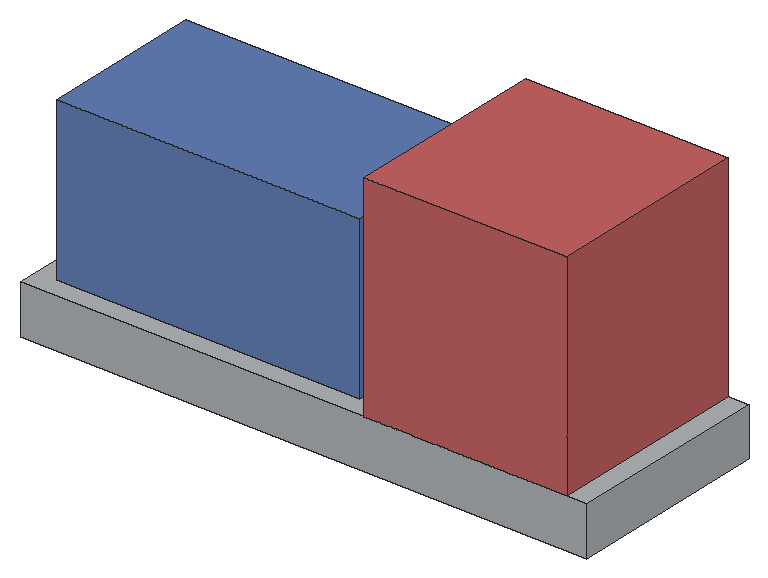
Revit family "LD_Centrifugal Pump Set", category Mechanical Equipment, Revit 2025
Family settings
  Round Connector Dimension = Use Diameter
  Part Type = Normal
  OmniClass Number = 23.75.00.00
  OmniClass Title = Climate Control (HVAC)
  Work Plane-Based = No
  Always vertical = Yes
  Cut with Voids When Loaded = No
  Maintain Annotation Orientation = No
  Shared = No
  Room Calculation Point = No
Parameters (values of type "11 kW")
  EL Voltage [instance] = 400 V
  EL Number of Poles [instance] = 3
  EL Apparent Load [instance] = 12900 VA
  Default Elevation = 0 mm
Reference planes
  plane 1 "Center (Front/Back)": y = 0
  plane 2: z = 0
  plane 3 "Center (Left/Right)": x = 0
Forms (mm)
  Extrusion 1, solid, material "Machine Steel"
    sketch origin (0, 0, 0) x (1, 0, 0) y (0, 1, 0)
      loop
        line (-700, -250) -> (700, -250) -> (700, 250) -> (-700, 250) -> (-700, -250)
    from 0 to 120
  Extrusion 2, solid, material "Motor Blue"
    sketch origin (0, 0, 120) x (1, 0, 0) y (0, 1, 0)
      loop
        line (-650, -200) -> (100, -200) -> (100, 200) -> (-650, 200) -> (-650, -200)
    from 0 to 400
  Extrusion 3, solid, material "Pump Red"
    sketch origin (0, 0, 120) x (1, 0, 0) y (0, 1, 0)
      loop
        line (150, -250) -> (650, -250) -> (650, 250) -> (150, 250) -> (150, -250)
    from 0 to 530
Dimensions and locks
  aligned and locked: level to plane 2
Connectors
  electrical at (-275, 0, 520), driven by "EL Voltage", driven by "EL Number of Poles", driven by "EL Apparent Load"
    settings: on Extrusion 2, index 1, voltage 400 V, apparent load 12900 VA, apparent load phase1 0 VA, apparent load phase2 0 VA, apparent load phase3 0 VA, power factor 0.85, load classification "Other", number of poles 3, system type 30, power factor state 1, is connector primary yes, connector utility no, sub classification motor no, connector description ""
